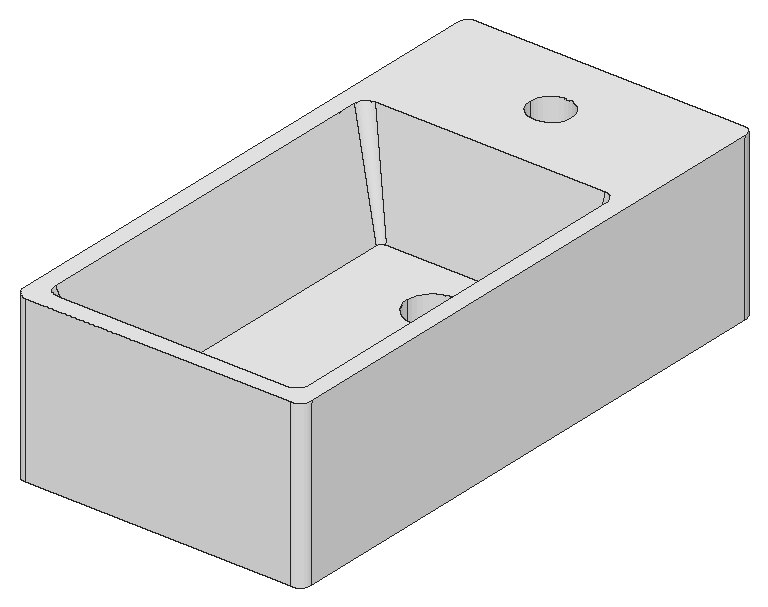
Revit family "Lavabo N-Lina JZ2014001", category Generic Models, host Face, Revit 2014
Parameters
  Default Elevation = 1219.2 mm
Reference planes
  plane 1 "Center (Front/Back)": y = 0
  plane 2: z = 0
  plane 3 "Center (Left/Right)": x = 0
  plane 4: x = -122.5
  plane 5: x = 122.5
  plane 6: y = 240
  plane 7: y = -240
  plane 8: y = 112
  plane 9: y = -225
  plane 10: x = -107.5
  plane 11: x = 107.5
  plane 12: y = 102
  plane 13: x = -85
  plane 14: x = 85
  plane 15: y = -198
  plane 16: z = 42
  plane 17: z = 140
  plane 18: y = 52
  plane 19: y = 177
Forms (mm)
  Extrusion 1, solid, material "Porcelain, Linen"
    sketch origin (0, 0, 0) x (1, 0, 0) y (0, 1, 0)
      loop
        arc (-112.5, 240) -> (-119.571, 237.071) -> (-122.5, 230) r 10
        line (-122.5, 230) -> (-122.5, -230)
        arc (-122.5, -230) -> (-119.571, -237.071) -> (-112.5, -240) r 10
        line (-112.5, -240) -> (112.5, -240)
        arc (112.5, -240) -> (119.571, -237.071) -> (122.5, -230) r 10
        line (122.5, -230) -> (122.5, 230)
        arc (122.5, 230) -> (119.571, 237.071) -> (112.5, 240) r 10
        line (112.5, 240) -> (-112.5, 240)
    from 0 to 140
  Blend 2, void
    base sketch origin (0, 0, 0) x (1, 0, 0) y (0, 1, 0)
      loop
        arc (-80, 102) -> (-83.536, 100.536) -> (-85, 97) r 5
        line (-85, 97) -> (-85, -188)
        arc (-85, -188) -> (-82.071, -195.071) -> (-75, -198) r 10
        line (-75, -198) -> (75, -198)
        arc (75, -198) -> (82.071, -195.071) -> (85, -188) r 10
        line (85, -188) -> (85, 97)
        arc (85, 97) -> (83.536, 100.536) -> (80, 102) r 5
        line (80, 102) -> (-80, 102)
    top sketch origin (0, 0, 0) x (1, 0, 0) y (0, 1, 0)
      loop
        arc (-97.5, 112) -> (-104.571, 109.071) -> (-107.5, 102) r 10
        line (-107.5, 102) -> (-107.5, -215)
        arc (-107.5, -215) -> (-104.571, -222.071) -> (-97.5, -225) r 10
        line (-97.5, -225) -> (97.5, -225)
        arc (97.5, -225) -> (104.571, -222.071) -> (107.5, -215) r 10
        line (107.5, -215) -> (107.5, 102)
        arc (107.5, 102) -> (104.571, 109.071) -> (97.5, 112) r 10
        line (97.5, 112) -> (-97.5, 112)
    from 42 to 140
  Extrusion 3, void
    sketch origin (0, 0, 0) x (1, 0, 0) y (0, 1, 0)
      loop
        circle (0, 52) r 22.5
    from 0 to 42
  Extrusion 4, void
    sketch origin (0, 0, 0) x (1, 0, 0) y (0, 1, 0)
      loop
        circle (0, 177) r 18
    from 75.93 to 140
Cuts and joins
  Blend 2, Extrusion 3, Extrusion 4 cuts Extrusion 1
Dimensions and locks
  aligned and locked: plane 2 to host face
  aligned and locked: level to host face
